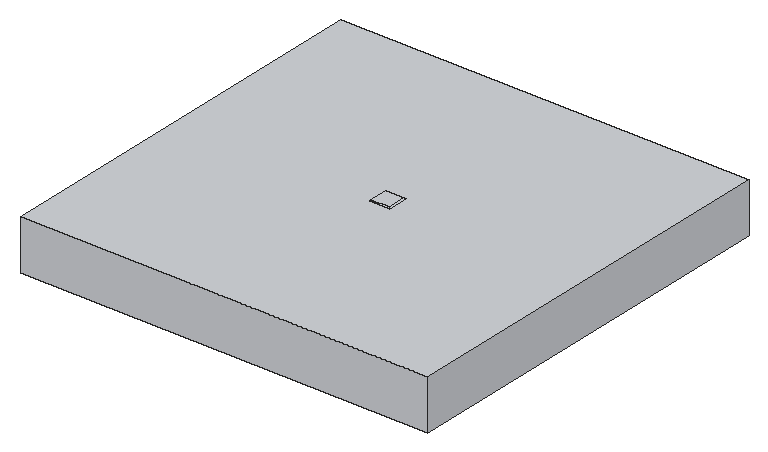
Revit family "M_Módulo de entrada endereçável", category Dispositivos de alarme de incêndio, Revit 2019
Family settings
  Hospedeiro = Face
  Manter orientação da anotação = Sim
  Cota do conector redondo = Utilizar diâmetro
  Tipo de parte = Normal
  Número OmniClass = 23.85.30.21.11.17
  Título OmniClass = Other Components
  ID de item do Seek = Addressable Input Module-0000-CAN-ENU
  Corte com vazios quando carregada = Não
  Compartilhado = Não
  Ponto de cálculo do ambiente = Não
Parameters (values of type "Padrão")
  Largura 2 = 102 mm
  Material = none
  Largura da superfície = 124 mm
  Linear 2 = 51 mm
  Linear 1 = 6 mm
  Raio 1 = 13 mm
  Legenda = "AIM"
  Altura 2 = 102 mm
  Altura da superfície = 124 mm
  Elevação-padrão = 460 mm
  Assembly Code = ""
Reference planes
  plane 1 "Centro (Frente/Trás)": y = 0
  plane 2: z = 0
  plane 3 "Centro (Esquerda/Direita)": x = 0
  plane 4 "Esquerda interna": x = -51
  plane 5 "Interior à direita": x = 51
  plane 6 "Interno superior": y = 51
  plane 7 "Inferior interno": y = -51
  plane 8 "Exterior à direita": x = 55.613
  plane 9 "Externo superior": y = 62
  plane 10 "Inferior externo": y = -62
  plane 11 "Parte frontal": z = 6
  plane 12 "Parte posterior": z = -51
  plane 13: y = 55.65
  plane 14: y = -55.65
  plane 15: x = -55.939
  plane 16: x = 62
  plane 17: x = -13
  plane 18: x = 13
  plane 19: x = -62
Forms (mm)
  Extrusion 1, solid
    sketch origin (0, 0, 0) x (1, 0, 0) y (0, 1, 0)
      loop
        line (-1260.826, 1219.2) -> (-1260.826, -1219.2) -> (1219.2, -1219.2) -> (1219.2, 1219.2) -> (-1260.826, 1219.2)
    from 0 to -304.8
  Extrusion 2, solid, material <- "Material"
    sketch origin (0, 0, 0) x (1, 0, 0) y (0, 1, 0)
      loop
        line (-51, 51) -> (-51, -51) -> (51, -51) -> (51, 51) -> (-51, 51)
    from 0 to -51
  Blend 3, solid, material <- "Material"
    base sketch origin (0, 0, 0) x (1, 0, 0) y (0, 1, 0)
      loop
        line (-62, 62) -> (-62, -62) -> (62, -62) -> (62, 62) -> (-62, 62)
    top sketch origin (0, 0, 0) x (1, 0, 0) y (0, 1, 0)
      loop
        line (-55.939, 55.65) -> (-55.939, -55.65) -> (55.613, -55.65) -> (55.613, 55.65) -> (-55.939, 55.65)
    from 0 to 6
Lines and regions (mm)
  symbolic lines, detail levels fine
    curve 1: line (-51, 0, 0) -> (-51, 0, -51)
    curve 2: line (-51, 0, -51) -> (51, 0, -51)
    curve 3: line (51, 0, -51) -> (51, 0, 0)
    curve 4: line (-62, 0, 0) -> (62, 0, 0)
    curve 5: line (-55.939, 0, 6) -> (-62, 0, 0)
    curve 6: line (62, 0, 0) -> (55.613, 0, 6)
    curve 7: line (55.613, 0, 6) -> (-55.939, 0, 6)
Dimensions and locks
  equal spacing: plane 4 "Esquerda interna", plane 3 "Centro (Esquerda/Direita)", plane 5 "Interior à direita"
  "Largura 2": plane 4 "Esquerda interna" to plane 5 "Interior à direita"
  equal spacing: plane 6 "Interno superior", plane 1 "Centro (Frente/Trás)", plane 7 "Inferior interno"
  "Altura 2": plane 6 "Interno superior" to plane 7 "Inferior interno"
  equal spacing: plane 9 "Externo superior", plane 1 "Centro (Frente/Trás)", plane 10 "Inferior externo"
  "Altura da superfície": plane 9 "Externo superior" to plane 10 "Inferior externo"
  "Linear 1": plane 11 "Parte frontal" to plane 2
  "Linear 2": plane 2 to plane 12 "Parte posterior"
  locked: plane 8 "Exterior à direita" to plane 16 at 6.387
  locked: plane 14 to plane 10 "Inferior externo" at 6.35
  locked: plane 9 "Externo superior" to plane 13 at 6.35
  equal spacing: plane 18, plane 3 "Centro (Esquerda/Direita)", plane 17
  "Raio 1": plane 3 "Centro (Esquerda/Direita)" to plane 17
  locked: plane 19 to plane 15 at 6.061
  equal spacing: plane 19, plane 3 "Centro (Esquerda/Direita)", plane 16
  "Largura da superfície": plane 19 to plane 16
  aligned and locked: plane 2 to Extrusion 1
  aligned and locked: level to Extrusion 1
  aligned and locked: plane 4 "Esquerda interna" to Extrusion 2 sketch curve
  aligned and locked: Extrusion 2 sketch curve to plane 6 "Interno superior"
  aligned and locked: plane 7 "Inferior interno" to Extrusion 2 sketch curve
  aligned and locked: Extrusion 2 sketch curve to plane 5 "Interior à direita"
  aligned and locked: Extrusion 2 to plane 12 "Parte posterior"
  aligned and locked: plane 10 "Inferior externo" to Blend 3 sketch curve
  aligned and locked: Blend 3 sketch curve to plane 16
  aligned and locked: Blend 3 sketch curve to plane 9 "Externo superior"
  aligned and locked: Blend 3 sketch curve to plane 13
  aligned and locked: plane 15 to Blend 3 sketch curve
  aligned and locked: plane 14 to Blend 3 sketch curve
  aligned and locked: Blend 3 sketch curve to plane 8 "Exterior à direita"
  aligned and locked: plane 11 "Parte frontal" to Blend 3
  aligned and locked: Blend 3 to plane 2
  aligned and locked: curve 1 to Extrusion 2
  aligned and locked: curve 2 to Extrusion 2
  aligned and locked: curve 3 to Extrusion 2
  aligned and locked: curve 4 to Blend 3
  aligned and locked: curve 5 to Blend 3
  aligned and locked: curve 6 to Blend 3
  aligned and locked: curve 7 to Blend 3
  aligned and locked: plane 19 to Blend 3 sketch curve
  aligned and locked: plane 1 "Centro (Frente/Trás)" to nested 1
  aligned and locked: plane 3 "Centro (Esquerda/Direita)" to nested 1
Automatic sketch dimensions
  Extrusion 1 sketch curve to Extrusion 1 sketch curve = 2480.026 mm
  Extrusion 1 sketch curve to Extrusion 1 sketch curve = 2438.4 mm
Nested families
  nested 1: "M_Anotação de módulo endereçável" at (0, 0, 0), type "Anotação do módulo endereçável", detail levels coarse+medium
Connectors
  electrical at (0, 51, -25.5)
    settings: on Extrusion 2, index 1, voltage 0 V, apparent load 0 VA, apparent load phase1 0 VA, apparent load phase2 0 VA, apparent load phase3 0 VA, power factor 0, load classification "Outros", number of poles 1, system type 11, power factor state 1, is connector primary yes, connector utility no, sub classification motor no, connector description ""
Definition of nested family "M_Anotação de módulo endereçável"
  Parameters
    Anotação de legenda = "AIM"
  Reference planes
    plane 1: y = 0
    plane 2: x = 0
  Lines and regions (mm)
    reference lines
      curve 1: line (-9.781, 1.588, 0) -> (13.281, 1.588, 0)
    detail lines
      curve 2: circle (0, 1.588, 0) r 1.588 normal (0, 0, 1)
  Text (mm)
    label "AIM" at (1.309, -0.069, 0), shows "Anotação de legenda"
  Dimensions and locks
    locked: plane 1 to curve 1 at 1.588
    radius of curve 2 = 1.588 mm
    aligned and locked: curve 1 to curve 2
    aligned and locked: plane 2 to curve 2
